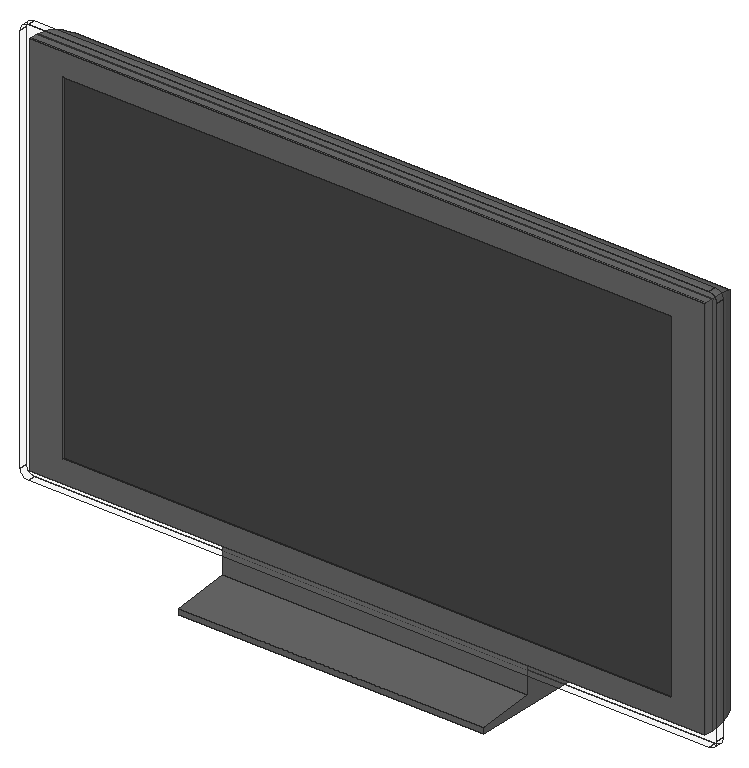
Revit family "TV", category Furniture, Revit 2021
Family settings
  Work Plane-Based = No
  Always vertical = Yes
  Cut with Voids When Loaded = No
  Shared = No
  Room Calculation Point = No
Parameters (values of type "1270mm")
  SinAng = (sin(29.36°) * 1 mm)  # 0.49 mm
  Stand [instance] = yes
  L = (Diagonal / 1 mm) * CosAng  # 1106.877 mm
  H = (Diagonal / 1 mm) * SinAng  # 622.675 mm
  Thickness = 110 mm
  Diagonal = 1270 mm
  Default Elevation = 0 mm
  CosAng = (cos(29.36°) * 1 mm)  # 0.872 mm
Reference planes
  plane 1 "Back": y = 58.539
  plane 2: z = 0
  plane 3 "Center (Left/Right)": x = -3.945
  plane 4: x = -557.383
  plane 5: x = 549.494
  plane 6: z = 120
  plane 7: z = 742.675
  plane 8: z = 431.338
  plane 9: y = -51.461
  plane 10: x = -280.664
  plane 11: x = 272.775
Forms (mm)
  Extrusion 1, solid, material "TV - Black"
    sketch origin (0, 58.539, 0) x (1, 0, 0) y (0, 0, 1)
      loop
        line (-617.383, 782.675) -> (-617.383, 80) -> (609.494, 80) -> (609.494, 782.675) -> (-617.383, 782.675)
    from 0 to 110
  Sweep 2, void
    path in 3D
      loop
        line (609.494, -51.461, 80) -> (609.494, -51.461, 782.675) -> (-617.383, -51.461, 782.675) -> (-617.383, -51.461, 80)
    profile origin (-617.383, -51.461, 431.338) x (-1, 0, 0) y (0, -1, 0)
      loop
        arc (0, 0) -> (-32.218, -77.782) -> (-110, -110) r 110
        line (-110, -110) -> (0, -110) -> (0, 0)
  Extrusion 3, solid, material "TV - Glass"
    sketch origin (1583.302, -51.461, 1200) x (1, 0, 0) y (0, 0, 1)
      loop
        arc (-2205.685, -397.325) -> (-2216.291, -401.718) -> (-2220.685, -412.325) r 15
        line (-2220.685, -412.325) -> (-2220.685, -1125)
        arc (-2220.685, -1125) -> (-2216.291, -1135.607) -> (-2205.685, -1140) r 15
        line (-2205.685, -1140) -> (-968.808, -1140)
        arc (-968.808, -1140) -> (-958.201, -1135.607) -> (-953.808, -1125) r 15
        line (-953.808, -1125) -> (-953.808, -412.325)
        arc (-953.808, -412.325) -> (-958.201, -401.718) -> (-968.808, -397.325) r 15
        line (-968.808, -397.325) -> (-2205.685, -397.325)
      loop
        line (-2200.685, -417.325) -> (-2200.685, -1120) -> (-973.808, -1120) -> (-973.808, -417.325) -> (-2200.685, -417.325)
    from 0 to 15
  Extrusion 4, solid, material "TV - Black"
    sketch origin (1583.302, -51.461, 1200) x (1, 0, 0) y (0, 0, 1)
      loop
        line (-2200.685, -417.325) -> (-2200.685, -1120) -> (-973.808, -1120) -> (-973.808, -417.325) -> (-2200.685, -417.325)
    from 0 to 18
  Extrusion 5, void
    sketch origin (1583.302, -51.461, 1200) x (-1, 0, 0) y (0, 0, 1)
      loop
        line (1033.808, -457.325) -> (1033.808, -1080) -> (2140.685, -1080) -> (2140.685, -457.325) -> (1033.808, -457.325)
    from -15 to -30
  Extrusion 6, solid, material "TV - Black", visible <- "Stand"
    sketch origin (-280.664, -1524, -186.653) x (0, 0, -1) y (0, -1, 0)
      loop
        line (-186.653, -1472.539) -> (-266.653, -1472.539) -> (-266.653, -1522.539) -> (-186.653, -1572.539) -> (-186.653, -1472.539)
    from 0 to -553.438
  Extrusion 7, solid, material "TV - Black", visible <- "Stand"
    sketch origin (-280.664, -1524, -186.653) x (0, 0, -1) y (0, -1, 0)
      loop
        line (-186.653, -1372.539) -> (-196.653, -1372.539) -> (-206.653, -1472.539) -> (-186.653, -1472.539) -> (-186.653, -1372.539)
    from 0 to -553.438
Cuts and joins
  Sweep 2, Extrusion 5 cuts Extrusion 1
  Extrusion 5 cuts Extrusion 3
  Extrusion 5 cuts Extrusion 4
  joined: Extrusion 6, Extrusion 7
Lines and regions (mm)
  sketch lines
    curve 1: line (-617.383, -51.461, 782.675) -> (-617.383, -51.461, 80)
    curve 2: line (609.494, -51.461, 782.675) -> (-617.383, -51.461, 782.675)
    curve 3: line (609.494, -51.461, 80) -> (609.494, -51.461, 782.675)
  model lines, detail levels medium+fine
    curve 4: line (-567.383, -69.461, 110) -> (-587.383, -69.461, 110)
    curve 5: line (-567.383, -69.461, 90) -> (-567.383, -69.461, 110)
    curve 6: line (-587.383, -69.461, 90) -> (-567.383, -69.461, 90)
    curve 7: line (-587.383, -69.461, 110) -> (-587.383, -69.461, 90)
Dimensions and locks
  equal spacing: plane 7, plane 8, plane 6
  "H": plane 7 to plane 6
  equal spacing: plane 5, plane 3 "Center (Left/Right)", plane 4
  "L": plane 5 to plane 4
  locked: plane 4 to Extrusion 1 sketch curve at 60
  locked: Extrusion 1 sketch curve to plane 5 at 60
  locked: Extrusion 1 sketch curve to plane 7 at 40
  locked: plane 6 to Extrusion 1 sketch curve at 40
  "Thickness": plane 9 to plane 1 "Back"
  locked: Extrusion 3 sketch curve to plane 7 at 60
  locked: plane 6 to Extrusion 3 sketch curve at 60
  locked: plane 4 to Extrusion 3 sketch curve at 80
  locked: Extrusion 3 sketch curve to plane 5 at 80
  locked: plane 4 to Extrusion 4 sketch curve at 60
  locked: Extrusion 4 sketch curve to plane 5 at 60
  locked: Extrusion 4 sketch curve to plane 7 at 40
  locked: plane 6 to Extrusion 4 sketch curve at 40
  locked: Extrusion 3 sketch curve to plane 7 at 40
  locked: plane 6 to Extrusion 3 sketch curve at 40
  locked: plane 4 to Extrusion 3 sketch curve at 60
  locked: Extrusion 3 sketch curve to plane 5 at 60
  equal spacing: plane 3 "Center (Left/Right)", plane 10, plane 4
  equal spacing: plane 5, plane 11, plane 3 "Center (Left/Right)"
  locked: Extrusion 6 sketch curve to plane 6 at 40
  locked: plane 9 to Extrusion 6 sketch curve at 100
  locked: Extrusion 7 sketch curve to plane 2 at 10
  locked: Extrusion 7 sketch curve to plane 2 at 20
  "Thickness": radius of Sweep 2 sketch curve
  aligned and locked: plane 9 to Extrusion 1
  aligned and locked: profile plane to Sweep 2 sketch curve
  aligned and locked: Sweep 2 sketch curve to plane 1 "Back"
  aligned and locked: Extrusion 5 sketch curve to plane 5
  aligned and locked: Extrusion 5 sketch curve to plane 7
  aligned and locked: plane 4 to Extrusion 5 sketch curve
  aligned and locked: Extrusion 5 sketch curve to plane 6
  aligned and locked: Extrusion 6 sketch curve to plane 9
  aligned and locked: plane 2 to Extrusion 6 sketch curve
  aligned and locked: Extrusion 6 to plane 11
  aligned and locked: Extrusion 7 to plane 11
  aligned and locked: Extrusion 7 sketch curve to plane 2
Automatic sketch dimensions
  Sweep 2 sketch curve to profile plane = 0 mm  (x3)
  Sweep 2 sketch curve to Sweep 2 sketch curve = 0 mm
  Extrusion 3 sketch curve to Extrusion 3 sketch curve = 15 mm  (x4)
  curve 6 to curve 6 = 20 mm
  curve 6 to Extrusion 4 = 10 mm
  curve 5 to curve 5 = 20 mm
  curve 4 to Extrusion 4 = 30 mm
  plane 1 "Back" to Extrusion 6 sketch curve = 60 mm
  Extrusion 7 sketch curve to plane 9 = 0 mm
  plane 9 to Extrusion 7 sketch curve = 100 mm
